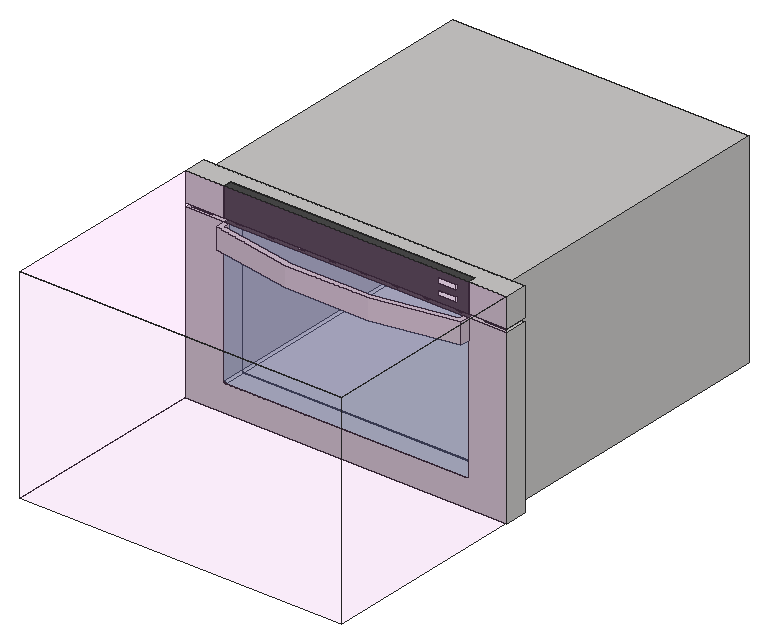
Revit family "Qf_Summit_MDR245SS_Built_in_Drawer_Microwave_oven", category Specialty Equipment, Revit 2020
Family settings
  Round Connector Dimension = Use Diameter
  Part Type = Normal
  Work Plane-Based = No
  Always vertical = Yes
  Cut with Voids When Loaded = No
  Shared = No
  Room Calculation Point = No
Parameters
  Weight in Pounds = 41
  Watts = if(Phase = 3, Volts * FL Amps * 1.73, Volts * FL Amps)  # 1380 W
  Volts = 115 V
  URL Cutsheet = ""
  Specification by User = ""
  Specification by Manufacturer = ""
  Show Clearance [instance] = yes
  Serial Number = ""
  Seismic Rating = ""
  SMACNA No = ""
  Revision Code = ""
  Phase = 1
  Number of Poles = 1
  NAFEM Spec ID Number = ""
  Model = "MDR245SS"
  Min Ckt Ampacity = 0 A
  Max Overcurrent Protection = 0 A
  Masterspec = ""
  Manufacturer = "Summit"
  Length = 23 1/2"
  Item Number = ""
  Installed By = ""
  Identify Quantity as Lot = yes
  Height = 14 7/8"
  HP = ""
  Furnished By = ""
  Foodservice Equipment Identifier = yes
  FL Amps = 12 A
  Electrical Remarks = ""
  Electric Connection Type = ""
  Elec Conn RI Height = 0"
  Elec Conn Connection Height = 0"
  Description = "24\" Wide Built-In Drawer Microwave"
  Depth = 23 1/4"
  Default Elevation = 0"
  Cycle = 60 Hz
  Conn Plug = ""
  Conn Conduit = yes
  CSI MasterFormat = ""
  Apparent Power = if(Phase = 3, Volts * FL Amps * 1.73, Volts * FL Amps)  # 1380 VA
Reference planes (in)
  plane 1 "BACK": y = 0
  plane 2: z = 0
  plane 3 "LEFT": x = 0
  plane 4 "RIGHT": x = 23.5
  plane 5 "FRONT": y = -23.25
  plane 6 "TOP": z = 14.875
  plane 7 "Center Y": x = 11.75
  plane 8 "Center X": y = -11.625
  plane 9: x = 0.9375
  plane 10: x = 22.5625
  plane 11: x = 3.6875
  plane 12: x = 19.8125
  plane 13: z = 12.75
  plane 14: z = 12.5
  plane 15: y = -21.625
  plane 16: y = -25.125
  plane 17: y = -4.875
  plane 18: y = -38.375
Forms (in)
  Extrusion 1, solid, material "QF_Metal_Stainless_Polished"
    sketch origin (23.88, 0, 0) x (0, 1, 0) y (0, 0, 1)
      loop
        line (-23.25, 14.875) -> (-23.25, 12.75) -> (-21.625, 12.75) -> (-21.625, 14.875) -> (-23.25, 14.875)
      loop
        line (-23.25, 12.5) -> (-23.25, 0) -> (-21.625, 0) -> (-21.625, 12.5) -> (-23.25, 12.5)
    from -23.88 to -0.38
  Extrusion 2, solid, material "QF_Metal_Stainless_Polished"
    sketch origin (0, 0, 19.5) x (1, 0, 0) y (0, 1, 0)
      loop
        line (0.9375, 0) -> (0.9375, -21.625) -> (22.5625, -21.625) -> (22.5625, 0) -> (0.9375, 0)
    from -19.5 to -4.625
  Extrusion 3, void
    sketch origin (8.8125, -17.82031, 1.75) x (0, 0, -1) y (1, 0, 0)
      loop
        line (-13.125, -6) -> (-11, -6) -> (-11, 11.875) -> (-13.125, 11.875) -> (-13.125, -6)
    from 4.86303 to 7.30469
  Extrusion 4, void
    sketch origin (8.8125, -17.82031, 1.75) x (0, 0, -1) y (1, 0, 0)
      loop
        line (-10.75, -6) -> (-0.30821, -6)
        arc (-0.30821, -6) -> (-0.23082, -5.96794) -> (-0.19877, -5.89055) r 0.10945
        line (-0.19877, -5.89055) -> (-0.19877, 11.76563)
        arc (-0.19877, 11.76563) -> (-0.2308, 11.84296) -> (-0.30814, 11.875) r 0.10938
        line (-0.30814, 11.875) -> (-10.75, 11.875) -> (-10.75, -6)
    from -12.94531 to 7.30469
  Sweep 5, solid, material "QF_Metal_Stainless_Polished"
    path origin (0, 0, 12.5) x (1, 0, 0) y (0, 1, 0)
      loop
        line (2.8125, -23.25) -> (2.8125, -23.93335)
        arc (2.8125, -23.93335) -> (11.75, -25.12658) -> (20.6875, -23.93335) r 34.06817
        line (20.6875, -23.93335) -> (20.6875, -23.25)
    profile origin (2.8125, -23.59167, 12.5) x (1, 0, 0) y (0, 0, 1)
      loop
        line (0, 0) -> (0, -1.5) -> (0.375, -1.5) -> (0.375, 0) -> (0, 0)
  Extrusion 6, solid, material "Glass"
    sketch origin (0, -15.875, 0) x (1, 0, 0) y (0, 0, -1)
      loop
        line (20.6875, -12.5) -> (20.6875, -2.05814)
        arc (20.6875, -2.05814) -> (20.65546, -1.9808) -> (20.57813, -1.94877) r 0.10938
        line (20.57813, -1.94877) -> (2.92195, -1.94877)
        arc (2.92195, -1.94877) -> (2.84456, -1.98082) -> (2.8125, -2.05821) r 0.10945
        line (2.8125, -2.05821) -> (2.8125, -12.5) -> (20.6875, -12.5)
    from -7.375 to -5.75
  Extrusion 7, solid, material "QF_Plastic_Epoxy_Black"
    sketch origin (0, -15.875, 2.125) x (1, 0, 0) y (0, 0, -1)
      loop
        line (2.8125, -12.75) -> (20.6875, -12.75) -> (20.6875, -10.625) -> (2.8125, -10.625) -> (2.8125, -12.75)
    from -7.375 to -6.80835
  Extrusion 8, solid, material "QF_Metal_Stainless_Polished"
    sketch origin (8.8125, -17.82031, 1.75) x (0, 0, -1) y (1, 0, 0)
      loop
        line (-11, -8.5591) -> (-10.75, -8.5591) -> (-10.75, -7.01306)
        arc (-10.75, -7.01306) -> (-10.89576, -6.90882) -> (-11, -6.76306) r 0.547
        line (-11, -6.76306) -> (-11, -8.5591)
      loop
        arc (-11, -5.51433) -> (-10.89576, -5.36858) -> (-10.75, -5.26433) r 0.547
        line (-10.75, -5.26433) -> (-10.75, -4.86067)
        arc (-10.75, -4.86067) -> (-10.89576, -4.75642) -> (-11, -4.61067) r 0.547
        line (-11, -4.61067) -> (-11, -5.51433)
      loop
        arc (-11, -3.23694) -> (-10.89576, -3.09118) -> (-10.75, -2.98694) r 0.547
        line (-10.75, -2.98694) -> (-10.75, -2.58328)
        arc (-10.75, -2.58328) -> (-10.89576, -2.47903) -> (-11, -2.33328) r 0.547
        line (-11, -2.33328) -> (-11, -3.23694)
      loop
        arc (-11, -0.95955) -> (-10.89576, -0.81379) -> (-10.75, -0.70955) r 0.547
        line (-10.75, -0.70955) -> (-10.75, -0.30588)
        arc (-10.75, -0.30588) -> (-10.89576, -0.20164) -> (-11, -0.05588) r 0.547
        line (-11, -0.05588) -> (-11, -0.95955)
      loop
        arc (-11, 1.31785) -> (-10.89576, 1.4636) -> (-10.75, 1.56785) r 0.547
        line (-10.75, 1.56785) -> (-10.75, 1.97151)
        arc (-10.75, 1.97151) -> (-10.89576, 2.07575) -> (-11, 2.22151) r 0.547
        line (-11, 2.22151) -> (-11, 1.31785)
      loop
        arc (-11, 3.59524) -> (-10.89576, 3.74099) -> (-10.75, 3.84524) r 0.547
        line (-10.75, 3.84524) -> (-10.75, 4.2489)
        arc (-10.75, 4.2489) -> (-10.89576, 4.35314) -> (-11, 4.4989) r 0.547
        line (-11, 4.4989) -> (-11, 3.59524)
      loop
        arc (-11, 5.87263) -> (-10.89576, 6.01839) -> (-10.75, 6.12263) r 0.547
        line (-10.75, 6.12263) -> (-10.75, 6.52629)
        arc (-10.75, 6.52629) -> (-10.89576, 6.63054) -> (-11, 6.77629) r 0.547
        line (-11, 6.77629) -> (-11, 5.87263)
      loop
        arc (-11, 8.15002) -> (-10.89576, 8.29578) -> (-10.75, 8.40002) r 0.547
        line (-10.75, 8.40002) -> (-10.75, 8.80368)
        arc (-10.75, 8.80368) -> (-10.89576, 8.90793) -> (-11, 9.05368) r 0.547
        line (-11, 9.05368) -> (-11, 8.15002)
      loop
        arc (-11, 10.55241) -> (-10.89576, 10.69817) -> (-10.75, 10.80241) r 0.547
        line (-10.75, 10.80241) -> (-10.75, 11.20608)
        arc (-10.75, 11.20608) -> (-10.89576, 11.31032) -> (-11, 11.45608) r 0.547
        line (-11, 11.45608) -> (-11, 10.55241)
      loop
        line (-11, 14.4341) -> (-11, 12.63806)
        arc (-11, 12.63806) -> (-10.89576, 12.78382) -> (-10.75, 12.88806) r 0.547
        line (-10.75, 12.88806) -> (-10.75, 14.4341) -> (-11, 14.4341)
    from 3.80469 to 5.17969
  Extrusion 9, solid, material "QF_Plastic_White_Smooth"
    sketch origin (0, -23.25, 2.125) x (-1, 0, 0) y (0, 0, -1)
      loop
        line (-18.5625, -12.24074) -> (-18.5625, -11.92824) -> (-19.8125, -11.92824) -> (-19.8125, -12.24074) -> (-18.5625, -12.24074)
      loop
        line (-18.5625, -11.42824) -> (-18.5625, -11.11574) -> (-19.8125, -11.11574) -> (-19.8125, -11.42824) -> (-18.5625, -11.42824)
    from 0 to 0.03125
  Extrusion 10, solid, material "QF_Metal_Stainless_Polished"
    sketch origin (0.9375, 0, 19.5) x (1, 0, 0) y (0, 0, -1)
      loop
        circle (0.92379, 18.38606) r 0.25
    from 0 to 0.34282
  Extrusion 11, solid, material "QF_Clearances_Door_Drawer"
    sketch origin (0, 0, 19.5) x (1, 0, 0) y (0, 1, 0)
      loop
        line (0, -23.25) -> (0, -38.375) -> (23.5, -38.375) -> (23.5, -23.25) -> (0, -23.25)
    from -19.5 to -4.625
Cuts and joins
  Extrusion 3, Extrusion 4 cuts Extrusion 1
  Extrusion 3, Extrusion 4 cuts Extrusion 2
  joined: Extrusion 2, Extrusion 8, Extrusion 10
Lines and regions (in)
  Split face 1
    outline origin (0, -23.25, 0) x (1, 0, 0) y (0, 0, -1)
      loop
        line (4.89571, -11) -> (18.60429, -11) -> (18.60429, -4.5) -> (4.89571, -4.5) -> (4.89571, -11)
  Split face 2
    outline origin (0, -23.25, 2.1875) x (1, 0, 0) y (0, 0, -1)
      loop
        line (10.375, -12.17824) -> (13.125, -12.17824) -> (13.125, -11.05324) -> (10.375, -11.05324) -> (10.375, -12.17824)
  symbolic lines
    curve 1: line (0.9375, 0, 19.5) -> (0.9375, -21.625, 19.5)
    curve 2: line (0, -21.625, 19.5) -> (23.5, -21.625, 19.5)
    curve 3: line (22.5625, -21.625, 19.5) -> (22.5625, 0, 19.5)
    curve 4: line (22.5625, 0, 19.5) -> (0.9375, 0, 19.5)
    curve 5: line (0, -21.625, 19.5) -> (0, -23.25, 19.5)
    curve 6: line (0, -23.25, 19.5) -> (20.3125, -23.25, 19.5)
    curve 7: arc (20.3125, -23.64542, 19.5) -> (11.75, -24.75158, 19.5) -> (3.1875, -23.64542, 19.5) r 33.69317
    curve 8: line (3.1875, -23.64542, 19.5) -> (3.1875, -23.25, 19.5)
    curve 9: line (2.8125, -22.68335, 19.5) -> (2.8125, -23.93335, 19.5)
    curve 10: arc (2.8125, -23.93335, 19.5) -> (11.75, -25.12658, 19.5) -> (20.6875, -23.93335, 19.5) r 34.06817
    curve 11: line (20.6875, -23.93335, 19.5) -> (20.6875, -22.68335, 19.5)
    curve 12: line (23.5, -23.25, 19.5) -> (20.3125, -23.25, 19.5)
    curve 13: line (20.3125, -23.25, 19.5) -> (20.3125, -23.64542, 19.5)
    curve 14: line (23.5, -23.25, 19.5) -> (23.5, -21.625, 19.5)
    curve 15: line (2.8125, -22.68335, 19.5) -> (20.6875, -22.68335, 19.5)
  symbolic lines, style "QF_Clearances_Door_Drawer"
    curve 16: line (0, -23.25, 19.5) -> (0, -38.375, 19.5)
    curve 17: line (0, -38.375, 19.5) -> (23.5, -38.375, 19.5)
    curve 18: line (23.5, -38.375, 19.5) -> (23.5, -23.25, 19.5)
Dimensions and locks (in)
  equal spacing: plane 3 "LEFT", plane 7 "Center Y", plane 4 "RIGHT"
  "Length": plane 3 "LEFT" to plane 4 "RIGHT"
  equal spacing: plane 5 "FRONT", plane 8 "Center X", plane 1 "BACK"
  "Depth": plane 5 "FRONT" to plane 1 "BACK"
  "Height": plane 6 "TOP" to level
  plane 4 "RIGHT" to plane 3 "LEFT" = 23 1/2"
  plane 6 "TOP" to plane 13 = 2 1/8"
  plane 14 to level = 12 1/2"
  locked: plane 5 "FRONT" to plane 16 at 1.875
  plane 1 "BACK" to plane 15 to plane 5 "FRONT" = 21 5/8", 1 5/8"
  plane 17 to plane 15 = 16 3/4"
  plane 9 to plane 10 = 21 5/8"
  plane 11 to plane 12 = 16 1/8"
  plane 1 "BACK" to plane 18 = 38 3/8"
  plane 5 "FRONT" to plane 1 "BACK" = 23 1/4"
  plane 18 to plane 1 "BACK" = 38 3/8"
  plane 6 "TOP" to level = 14 7/8"
  plane 16 to plane 5 "FRONT" to plane 1 "BACK" = 1 7/8", 23 1/4"
  aligned and locked: level to plane 2
  aligned and locked: Extrusion 1 to plane 3 "LEFT"
  aligned and locked: Extrusion 1 to plane 4 "RIGHT"
  aligned and locked: Extrusion 2 to level
  aligned and locked: plane 6 "TOP" to Extrusion 2
  aligned and locked: plane 17 to Extrusion 4
  aligned and locked: Extrusion 4 to plane 16
  aligned and locked: Extrusion 3 to plane 16
  aligned and locked: cut or joined group of Extrusion 2, Extrusion 3, Extrusion 4, Extrusion 8, Extrusion 10 to Extrusion 3
  aligned and locked: plane 5 "FRONT" to Extrusion 6
  aligned and locked: plane 15 to Extrusion 6
  aligned and locked: Extrusion 7 to plane 13
  aligned and locked: plane 6 "TOP" to Extrusion 7
  aligned and locked: Extrusion 7 to cut or joined group of Extrusion 1, Extrusion 3, Extrusion 4
  aligned and locked: plane 15 to Extrusion 8
  aligned and locked: plane 6 "TOP" to Extrusion 11
  aligned and locked: Extrusion 11 to level
Automatic sketch dimensions
  Extrusion 1 sketch curve to plane 5 "FRONT" = 0"  (x2)
  Extrusion 1 sketch curve to level = 0"
  Extrusion 1 sketch curve to plane 14 = 0"
  Extrusion 1 sketch curve to plane 15 = 0"  (x2)
  Extrusion 1 sketch curve to plane 13 = 0"
  Extrusion 1 sketch curve to plane 6 "TOP" = 0"
  Extrusion 2 sketch curve to plane 9 = 0"
  Extrusion 2 sketch curve to plane 10 = 0"
  Extrusion 2 sketch curve to plane 15 = 0"
  plane 1 "BACK" to Extrusion 2 sketch curve = 0"
  Extrusion 3 sketch curve to plane 6 "TOP" = 0"
  Extrusion 3 sketch curve to plane 13 = 0"
  Extrusion 4 sketch curve to plane 14 = 0"
  level to Extrusion 4 sketch curve = 2.05821"
  Sweep 5 sketch curve to plane 7 "Center Y" = 0"
  plane 5 "FRONT" to Sweep 5 sketch curve = 0"  (x2)
  plane 5 "FRONT" to Sweep 5 sketch curve = 0.68335"  (x2)
  Sweep 5 sketch curve to plane 1 "BACK" = 8.94159"
  profile plane to Sweep 5 sketch curve = 0"
  Sweep 5 sketch curve to profile plane = 0"
  Sweep 5 sketch curve to profile plane = 3/8"
  Sweep 5 sketch curve to profile plane = 1 1/2"
  Extrusion 6 sketch curve to plane 14 = 0"
  Extrusion 6 sketch curve to Extrusion 6 sketch curve = 0.10945"
  level to Extrusion 6 sketch curve = 2.05821"
  Extrusion 7 sketch curve to plane 13 = 0"
  Extrusion 7 sketch curve to plane 6 "TOP" = 0"
  Split face 1 sketch curve to Extrusion 6 = 2.08321"  (x2)
  Split face 1 sketch curve to Extrusion 6 = 1 1/2"
  Split face 1 sketch curve to Extrusion 6 = 2.55123"
  Extrusion 8 sketch curve to plane 13 = 0"  (x10)
  Extrusion 8 sketch curve to plane 14 = 0"  (x10)
  Extrusion 8 sketch curve to plane 14 = 0.24103"  (x18)
  plane 3 "LEFT" to Extrusion 8 sketch curve = 0.2534"
  Extrusion 8 sketch curve to plane 9 = 0.86194"
  Extrusion 8 sketch curve to Extrusion 8 sketch curve = 1/4"  (x9)
  plane 11 to Extrusion 8 sketch curve = 0.38933"
  Extrusion 8 sketch curve to plane 11 = 0.26433"
  Extrusion 8 sketch curve to Extrusion 8 sketch curve = 0.89167"  (x5)
  Extrusion 8 sketch curve to Extrusion 8 sketch curve = 0.24103"  (x8)
  Extrusion 8 sketch curve to Extrusion 8 sketch curve = 0.40366"  (x6)
  plane 7 "Center Y" to Extrusion 8 sketch curve = 0.41671"
  Extrusion 8 sketch curve to plane 12 = 0.68862"
  Extrusion 8 sketch curve to plane 12 = 0.44759"
  plane 12 to Extrusion 8 sketch curve = 0.20608"
  plane 4 "RIGHT" to Extrusion 8 sketch curve = 0.2534"
  Split face 2 sketch curve to Extrusion 7 = 0.49074"
  Split face 2 sketch curve to Extrusion 7 = 7 9/16"
  Split face 2 sketch curve to Split face 2 sketch curve = 2 3/4"
  Split face 2 sketch curve to Extrusion 7 = 0.50926"
  Extrusion 9 sketch curve to Extrusion 7 = 7/8"
  Extrusion 9 sketch curve to Extrusion 9 sketch curve = 0"  (x2)
  Extrusion 9 sketch curve to Extrusion 7 = 0.50926"
  Extrusion 9 sketch curve to Extrusion 9 sketch curve = 1 1/4"
  Extrusion 9 sketch curve to Extrusion 9 sketch curve = 5/16"  (x2)
  Extrusion 9 sketch curve to Extrusion 9 sketch curve = 1/2"
  Extrusion 10 sketch curve to Extrusion 2 = 0.92379"
  Extrusion 2 to Extrusion 10 sketch curve = 1.11394"
  curve 7 to curve 10 = 0"  (x2)
  curve 1 to plane 9 = 0"
  curve 9 to plane 5 "FRONT" = 0.56665"
  curve 10 to plane 7 "Center Y" = 0"
  plane 1 "BACK" to curve 4 = 0"
  curve 4 to plane 10 = 0"
  curve 13 to curve 11 = 3/8"
  plane 5 "FRONT" to curve 8 = 0.39542"
  curve 11 to curve 13 = 0.28792"
  curve 7 to plane 1 "BACK" = 8.94159"
  plane 5 "FRONT" to curve 13 = 0"
  Extrusion 11 sketch curve to plane 3 "LEFT" = 0"
  Extrusion 11 sketch curve to plane 4 "RIGHT" = 0"
  Extrusion 11 sketch curve to plane 18 = 0"
  plane 5 "FRONT" to Extrusion 11 sketch curve = 0"
  plane 11 to curve 9 = 7/8"
  curve 10 to curve 8 = 3/8"
  plane 11 to Extrusion 3 sketch curve = 7/8"
  level to Extrusion 4 sketch curve = 2.05814"
  plane 11 to Extrusion 4 sketch curve = 0.76555"
  plane 11 to Extrusion 6 sketch curve = 0.76555"
  plane 11 to Extrusion 7 sketch curve = 7/8"
  plane 12 to curve 13 = 1/2"
  plane 12 to Extrusion 3 sketch curve = 7/8"
  Extrusion 4 sketch curve to Extrusion 4 sketch curve = 7/64"
  plane 12 to Extrusion 4 sketch curve = 49/64"
  plane 11 to Sweep 5 sketch curve = 7/8"
  plane 12 to Extrusion 6 sketch curve = 49/64"
  Extrusion 6 sketch curve to Extrusion 6 sketch curve = 7/64"
  plane 12 to Extrusion 7 sketch curve = 7/8"
  Extrusion 8 sketch curve to Extrusion 8 sketch curve = 0.69992"
  curve 2 to plane 3 "LEFT" = 0"
  curve 2 to plane 4 "RIGHT" = 0"
  curve 3 to plane 15 = 0"
  curve 16 to plane 18 = 0"
  radius of Extrusion 10 sketch curve = 1/4"
Connectors (in)
  electrical at (1.86129, 0.34282, 1.11394), driven by "Volts", driven by "Apparent Power"
    settings: on cut or joined group of Extrusion 2, Extrusion 3, Extrusion 4, Extrusion 8, Extrusion 10, index 1, voltage 115 V, apparent load 1380 VA, apparent load phase1 0 VA, apparent load phase2 0 VA, apparent load phase3 0 VA, power factor 1, load classification "Other", number of poles 1, system type 30, power factor state 1, is connector primary yes, connector utility no, sub classification motor no, connector description "Electrical Inlet"
